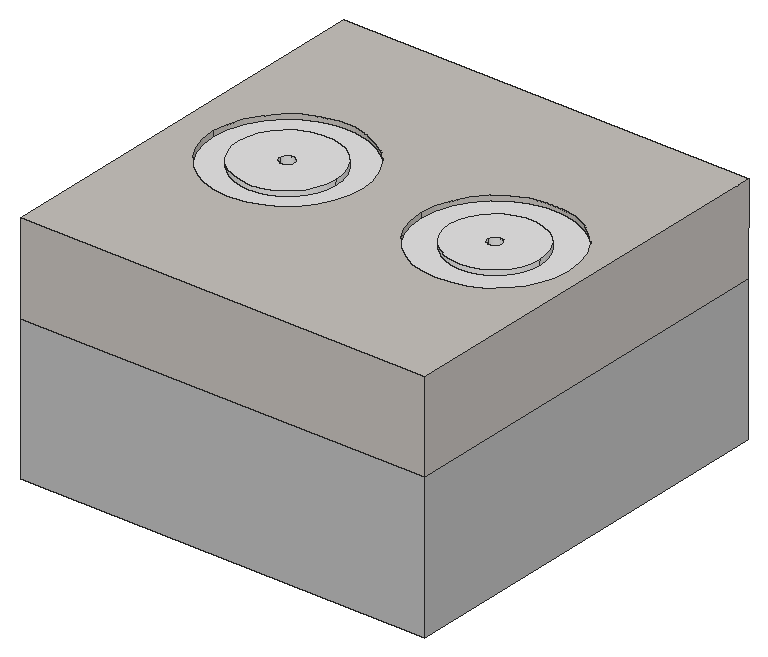
Revit family "Domotics-DomesticRanges-GEWISS-CHORUS_DATA-SOCKET-OUTLET_TV+FM", category Apparecchi elettrici, host Superficie, Revit 2016
Family settings
  Host = Superficie
  Mantenere orientamento annotazione = Sì
  Tipo di parte = Normale
  Quota connettore circolare = Usa diametro
  Taglio con vuoti quando caricato = Sì
  Condiviso = Sì
  Punto di calcolo locali = Sì
Parameters (values of type "GW14381 - TV+FM SOCKET 2M, TITANIUM")
  finitura = GEWISS NERO
  Visibilità simbolo in pianta [instance] = yes
  Visibilità lampada [instance] = yes
  Version file RFA = "19.0"
  URL = "https://www.gewiss.com/ww/en"
  Tipo_ = CHORUS PRESE TV+FM : GW14381 Presa TV+FM 2M titanio
  Technical sheet = "https://www.gewiss.com/ww/en/search?q=GW14381"
  Standard; = "EN 60728-4; IEC 61169-2"
  SEO = "Socket outlet"
  Realized by GEWISS S.p.A. = ""
  Produttore = "GEWISS S.p.A."
  Offset_bidimensionale [instance] = 2 mm
  Default Elevation = 1219.2 mm
  Offset_lampada [instance] = 0 mm
  No. Chorus modules: = "2"
  Modello = "GW14381"
  Larghezza_lampada = 23 mm
  Immagine tipo = GW14381.jpg
  IFC.TypeObject = ""
  IFC.ExportType = ""
  IFC.ExportAs = ""
  IDT = "ef648f1d-3fcd-442e-b661-1d10ae69c0d3"
  IDF = "1f371983-7281-43af-bf82-d7e8fd1ca6e1"
  Electrocod = "0131                "
  EAN code = "8011564267060"
  Distanza_x [instance] = -2760 mm
  Distanza_effettiva_x [instance] = 1500 mm - Distanza_x  # 4260 mm
  Descrizione = "TV+FM SOCKET 2M, TITANIUM"
  Description: = "Direct"
  Description. = "TV/FM socket-outlet"
  Connectors = "TV-FM"
  Colour = "Titanium"
  Category = "TV/FM socket-outlet"
  Catalogue Range = "CHORUS - DOMESTIC RANGE"
  Catalogue = "DOMOTICS"
  Case = "Pressure casting zamak metal body"
  Cable fixing = "With screw"
  COBie.Tagnumber = ""
  COBie.CreatedOn = ""
  COBie.CreatebBy = ""
  COBie.ComponentRegisterItemID = ""
  COBie.Component.TagNumber = ""
  COBie.Component.Space = ""
  COBie.Component.SerialNumber = ""
  COBie.Component.InstallationDate = ""
  COBie.Component.Description = ""
  COBie.Component.BarCode = ""
  Attenuation = "0 dB"
  Altezza_lampada = 45 mm
Types (3, lengths in mm): name | Tipo_ | Technical sheet | Modello | Immagine tipo | IDT | EAN code | Descrizione | Colour
  GW10381 - TV+FM SOCKET, 2M WHITE | CHORUS PRESE TV+FM : GW10381 Presa TV+FM 2M bianco | "https://www.gewiss.com/ww/en/search?q=GW10381" | "GW10381" | GW14381.jpg | "227d34e4-250d-4db7-bac0-5b210cd6f56d" | "8011564257627" | "TV+FM SOCKET, 2M WHITE" | "White"
  GW12381 - TV+FM SOCKET 2M BLACK | CHORUS PRESE TV+FM : GW12381 Presa TV+FM 2M nero | "https://www.gewiss.com/ww/en/search?q=GW12381" | "GW12381" | GW12381.jpg | "ec8ca88b-84dd-4d81-80c8-d1714d42801e" | "8011564269019" | "TV+FM SOCKET 2M BLACK" | "Black"
  GW14381 - TV+FM SOCKET 2M, TITANIUM | CHORUS PRESE TV+FM : GW14381 Presa TV+FM 2M titanio | "https://www.gewiss.com/ww/en/search?q=GW14381" | "GW14381" | GW14381.jpg | "ef648f1d-3fcd-442e-b661-1d10ae69c0d3" | "8011564267060" | "TV+FM SOCKET 2M, TITANIUM" | "Titanium"
Reference planes
  plane 1 "Centro (Fronte/Retro)": y = 0
  plane 2: z = 0
  plane 3 "Centro (Sinistra/Destra)": x = 0
  plane 4: x = -4260
  plane 5: x = 0
  plane 6: z = 0
  plane 7: z = 26
  plane 8 "bd": z = 28
Lines and regions (mm)
  model lines, style "ElectricalFixtures", detail levels coarse
    curve 1: circle (-10.381, -0.006, 28) r 0.981 normal (0, 0, 1)
    curve 2: circle (-10.381, -0.006, 28) r 7.727 normal (0, 0, 1)
    curve 3: circle (-10.381, -0.006, 28) r 5.011 normal (0, 0, 1)
    curve 4: circle (-10.381, -0.006, 28) r 8.46 normal (0, 0, 1)
    curve 5: circle (12.734, -0.006, 28) r 0.981 normal (0, 0, 1)
    curve 6: circle (12.734, -0.006, 28) r 7.727 normal (0, 0, 1)
    curve 7: circle (12.734, -0.006, 28) r 5.011 normal (0, 0, 1)
    curve 8: circle (12.734, -0.006, 28) r 8.46 normal (0, 0, 1)
    curve 9: line (23.5, -22.5, 28) -> (-22.5, -22.5, 28)
    curve 10: line (-22.5, -22.5, 28) -> (-22.5, 22.5, 28)
    curve 11: line (-22.5, 22.5, 28) -> (23.5, 22.5, 28)
    curve 12: line (23.5, 22.5, 28) -> (23.5, -22.5, 28)
    curve 13: line (-15.124, -11.666, 28) -> (-10.817, -11.666, 28)
    curve 14: line (-12.971, -11.666, 28) -> (-12.971, -16.861, 28)
    curve 15: line (-9.944, -11.666, 28) -> (-7.79, -16.861, 28)
    curve 16: line (-7.79, -16.861, 28) -> (-5.637, -11.666, 28)
    curve 17: line (8.111, -16.861, 28) -> (8.111, -11.666, 28)
    curve 18: line (8.111, -11.666, 28) -> (11.481, -11.666, 28)
    curve 19: line (8.111, -14.264, 28) -> (10.701, -14.264, 28)
    curve 20: line (17.358, -16.861, 28) -> (17.358, -11.666, 28)
    curve 21: line (17.358, -11.666, 28) -> (15.102, -16.396, 28)
    curve 22: line (15.102, -16.396, 28) -> (12.846, -11.666, 28)
    curve 23: line (12.846, -11.666, 28) -> (12.846, -16.861, 28)
  model lines, style "ElectricalFixtures", not visible, detail levels coarse
    curve 24: circle (58.35, 40.197, 48) r 0.981 normal (0, 0, 1)
    curve 25: circle (58.35, 40.197, 48) r 7.727 normal (0, 0, 1)
    curve 26: circle (58.35, 40.197, 48) r 5.011 normal (0, 0, 1)
    curve 27: circle (58.35, 40.197, 48) r 8.46 normal (0, 0, 1)
    curve 28: circle (81.465, 40.197, 48) r 0.981 normal (0, 0, 1)
    curve 29: circle (81.465, 40.197, 48) r 7.727 normal (0, 0, 1)
    curve 30: circle (81.465, 40.197, 48) r 5.011 normal (0, 0, 1)
    curve 31: circle (81.465, 40.197, 48) r 8.46 normal (0, 0, 1)
    curve 32: line (92.23, 17.703, 48) -> (46.23, 17.703, 48)
    curve 33: line (46.23, 17.703, 48) -> (46.23, 62.703, 48)
    curve 34: line (46.23, 62.703, 48) -> (92.23, 62.703, 48)
    curve 35: line (92.23, 62.703, 48) -> (92.23, 17.703, 48)
    curve 36: line (53.607, 28.537, 48) -> (57.913, 28.537, 48)
    curve 37: line (55.76, 28.537, 48) -> (55.76, 23.342, 48)
    curve 38: line (58.787, 28.537, 48) -> (60.94, 23.342, 48)
    curve 39: line (60.94, 23.342, 48) -> (63.093, 28.537, 48)
    curve 40: line (76.842, 23.342, 48) -> (76.842, 28.537, 48)
    curve 41: line (76.842, 28.537, 48) -> (80.212, 28.537, 48)
    curve 42: line (76.842, 25.939, 48) -> (79.432, 25.939, 48)
    curve 43: line (86.088, 23.342, 48) -> (86.088, 28.537, 48)
    curve 44: line (86.088, 28.537, 48) -> (83.832, 23.807, 48)
    curve 45: line (83.832, 23.807, 48) -> (81.576, 28.537, 48)
    curve 46: line (81.576, 28.537, 48) -> (81.576, 23.342, 48)
Dimensions and locks
  plane 4 to plane 3 "Centro (Sinistra/Destra)" = 4260 mm
  "Distanza_effettiva_x": plane 4 to plane 5
  "Offset_lampada": plane 6 to host face
  locked: plane 7 to plane 6 at 26
  "Offset_bidimensionale": plane 8 "bd" to plane 7
  aligned and locked: plane 2 to host face
  aligned and locked: level to host face
  aligned and locked: plane 1 "Centro (Fronte/Retro)" to nested 1
  aligned and locked: plane 5 to nested 1
  aligned and locked: nested 1 to plane 6
  aligned and locked: plane 8 "bd" to curve 9
  aligned and locked: curve 10 to nested 1
  aligned and locked: curve 9 to nested 1
Automatic sketch dimensions
  host sketch curve to host sketch curve = 2438.4 mm  (x2)
Nested families
  nested 1: "CHORUS PRESE TV+FM" at (0, 0, 0), visible <- "Visibilità lampada", type <- "Tipo_", type "GW14381 Presa TV+FM 2M titanio", detail levels medium+fine
    with Spostamento_y_effettivo_etichetta 1000 mm, Spostamento_X_etichetta 0 mm, Spostamento_X_effettivo_etichetta 1000 mm, Cornice simbolo yes, L_modulo 45 mm, H_modulo 45 mm
  nested 2: "simb_TVFM" at (0, 209.005, 0), SIMBOLO <- "Visibilità simbolo in pianta", type "simb_TVFM"
Definition of nested family "CHORUS PRESE TV+FM"
  Parameters (values of type "tipo 1")
    Spostamento_y_effettivo_etichetta [instance] = 1000 mm
    Spostamento_X_etichetta [instance] = 0 mm
    Spostamento_X_effettivo_etichetta [instance] = 1000 mm - Spostamento_X_etichetta  # 1000 mm
    Default Elevation = 1219.2 mm
    Manufacturer = ""
    Model = ""
    Materiale = none
    L_modulo = 50 mm
    H_modulo = 54 mm
    Type Image = (empty or 0)
    IFC.TypeObject = ""
    IFC.ExportType = ""
    IFC.ExportAs = ""
    Description = ""
    Cornice simbolo [instance] = yes
    Type Comments = ""
    COBie.CreatedOn = ""
    COBie.CreatebBy = ""
    COBie.ComponentRegisterItemID = ""
    COBie.Component.TagNumber = ""
    COBie.Component.Space = ""
    COBie.Component.SerialNumber = ""
    COBie.Component.InstallationDate = ""
    COBie.Component.Description = ""
    COBie.Component.BarCode = ""
    Base = 16 mm
    BA = 1267 mm  # constant formula
  Reference planes
    plane 1 "Centro (Fronte/Retro)": y = 0
    plane 2: z = 0
    plane 3 "Centro (Sinistra/Destra)": x = 0
    plane 4: y = 27
    plane 5: y = -27
    plane 6: z = 16
    plane 7: x = -25
    plane 8: x = 25
    plane 9 "fro": z = 26
    plane 10: z = 21.373
    plane 11: x = -10.778
    plane 12: x = 12.337
    plane 13: z = 25.5
    plane 14: through (-25, 27, 1200) normal (0.4848, -0.8746, 0)
    plane 15: through (94.514, 1.179, 1200) normal (-0.2112, -0.9774, 0)
    plane 16: through (-93.011, -1524, -27.5) normal (-0.6293, 0, 0.7771)
    plane 17: through (-51.109, -1524, 46.673) normal (0.4848, 0, 0.8746)
  Forms (mm)
    Extrusion 1, solid, material <- "Materiale"
      sketch origin (0, 0, 26) x (-1, 0, 0) y (0, -1, 0)
        loop
          line (25, -27) -> (25, 27) -> (-25, 27) -> (-25, -27) -> (25, -27)
      from -10 to 0
    Extrusion 2, solid
      sketch origin (0, 0, 26) x (-1, 0, 0) y (0, -1, 0)
        loop
          line (-25, 27) -> (-25, -27) -> (25, -27) -> (25, 27) -> (-25, 27)
      from -26 to -10
    Extrusion 3, void
      sketch origin (0, 0, 26) x (-1, 0, 0) y (0, -1, 0)
        loop
          circle (10.778, 0) r 8.273
        loop
          circle (-12.337, 0) r 8.273
      from -4.627 to 0
    Extrusion 4, solid
      sketch origin (0, 0, 26) x (-1, 0, 0) y (0, -1, 0)
        loop
          circle (10.778, 0) r 8.273
        loop
          circle (10.778, 0) r 5.432
        loop
          circle (-12.337, 0) r 8.273
        loop
          circle (-12.337, 0) r 5
      from -4.627 to -0.5
    Extrusion 5, solid
      sketch origin (0, 0, 26) x (-1, 0, 0) y (0, -1, 0)
        loop
          circle (10.778, 0) r 5.432
        loop
          circle (-12.337, 0) r 5
      from -4.627 to 0
    Extrusion 6, void
      sketch origin (0, 0, 26) x (-1, 0, 0) y (0, -1, 0)
        loop
          circle (10.778, 0) r 0.812
        loop
          circle (-12.337, 0) r 0.783
      from -4.627 to 0
  Cuts and joins
    Extrusion 3 cuts Extrusion 1
    Extrusion 6 cuts Extrusion 5
  Lines and regions (mm)
    model lines
      curve 1: line (-16.236, -13.097, 26) -> (-11.93, -13.097, 26)
      curve 2: line (-14.083, -13.097, 26) -> (-14.083, -18.293, 26)
      curve 3: line (-11.056, -13.097, 26) -> (-8.903, -18.293, 26)
      curve 4: line (-8.903, -18.293, 26) -> (-6.75, -13.097, 26)
      curve 5: line (6.999, -18.293, 26) -> (6.999, -13.097, 26)
      curve 6: line (6.999, -13.097, 26) -> (10.369, -13.097, 26)
      curve 7: line (6.999, -15.695, 26) -> (9.589, -15.695, 26)
      curve 8: line (16.245, -18.293, 26) -> (16.245, -13.097, 26)
      curve 9: line (16.245, -13.097, 26) -> (13.989, -17.828, 26)
      curve 10: line (13.989, -17.828, 26) -> (11.733, -13.097, 26)
      curve 11: line (11.733, -13.097, 26) -> (11.733, -18.293, 26)
    model lines, not visible
      curve 12: line (-16.236, -13.097, 26) -> (-11.93, -13.097, 26)
      curve 13: line (-14.083, -13.097, 26) -> (-14.083, -18.293, 26)
      curve 14: line (-11.056, -13.097, 26) -> (-8.903, -18.293, 26)
      curve 15: line (-8.903, -18.293, 26) -> (-6.75, -13.097, 26)
      curve 16: line (6.999, -18.293, 26) -> (6.999, -13.097, 26)
      curve 17: line (6.999, -13.097, 26) -> (10.369, -13.097, 26)
      curve 18: line (6.999, -15.695, 26) -> (9.589, -15.695, 26)
      curve 19: line (16.245, -18.293, 26) -> (16.245, -13.097, 26)
      curve 20: line (16.245, -13.097, 26) -> (13.989, -17.828, 26)
      curve 21: line (13.989, -17.828, 26) -> (11.733, -13.097, 26)
      curve 22: line (11.733, -13.097, 26) -> (11.733, -18.293, 26)
  Text (mm)
    text "B=C*A" at (54.401, 20.009, 0), in view "Livello rif."
  Dimensions and locks
    equal spacing: plane 4, plane 1 "Centro (Fronte/Retro)", plane 5
    "H_modulo": plane 4 to plane 5
    equal spacing: plane 7, plane 3 "Centro (Sinistra/Destra)", plane 8
    "L_modulo": plane 7 to plane 8
    locked: plane 9 "fro" to plane 6 at 10
    "Base": plane 6 to plane 2
    locked: plane 9 "fro" to plane 10 at 4.627
    radius of Extrusion 4 sketch curve = 8.273 mm
    radius of Extrusion 4 sketch curve = 5.432 mm
    angle plane 14 to plane 5 = 151.00°
    angle plane 4 to plane 15 = 167.809°
    angle plane 1 "Centro (Fronte/Retro)" to plane 15 = 167.809°
    angle plane 17 to plane 2 = 29.00°
    angle level to plane 17 = 151.00°
    angle plane 16 to level = 141.00°
    aligned and locked: level to plane 2
    aligned and locked: Extrusion 1 sketch curve to plane 7
    aligned and locked: Extrusion 1 sketch curve to plane 8
    aligned and locked: Extrusion 1 sketch curve to plane 4
    aligned and locked: Extrusion 1 sketch curve to plane 5
    aligned and locked: plane 6 to Extrusion 1
    aligned and locked: plane 9 "fro" to Extrusion 1
    aligned and locked: Extrusion 2 sketch curve to plane 8
    aligned and locked: Extrusion 2 sketch curve to plane 5
    aligned and locked: Extrusion 2 sketch curve to plane 4
    aligned and locked: Extrusion 2 sketch curve to plane 7
    aligned and locked: Extrusion 2 to plane 2
    aligned and locked: Extrusion 2 to plane 6
    aligned and locked: plane 11 to Extrusion 3 sketch curve
    aligned and locked: plane 12 to Extrusion 3 sketch curve
    aligned and locked: plane 1 "Centro (Fronte/Retro)" to Extrusion 3 sketch curve  (x2)
    aligned and locked: Extrusion 3 to plane 10
    aligned and locked: plane 9 "fro" to Extrusion 3
    aligned and locked: Extrusion 4 to plane 10
    aligned and locked: plane 13 to Extrusion 4
    aligned and locked: Extrusion 5 to plane 10
    aligned and locked: plane 9 "fro" to Extrusion 5
    aligned and locked: Extrusion 6 to plane 10
    aligned and locked: plane 9 "fro" to Extrusion 6
    aligned and locked: plane 9 "fro" to cut or joined group of Extrusion 5, Extrusion 6
  Automatic sketch dimensions
    Extrusion 4 sketch curve to Extrusion 4 sketch curve = 0 mm  (x4)
    plane 1 "Centro (Fronte/Retro)" to Extrusion 4 sketch curve = 0 mm  (x2)
    Extrusion 4 sketch curve to plane 12 = 0 mm
    Extrusion 4 sketch curve to plane 11 = 0 mm
    plane 1 "Centro (Fronte/Retro)" to Extrusion 5 sketch curve = 0 mm  (x2)
    Extrusion 5 sketch curve to plane 12 = 0 mm
    Extrusion 5 sketch curve to plane 11 = 0 mm
    plane 1 "Centro (Fronte/Retro)" to Extrusion 6 sketch curve = 0 mm  (x2)
    Extrusion 6 sketch curve to plane 12 = 0 mm
    Extrusion 6 sketch curve to plane 11 = 0 mm
    radius of Extrusion 3 sketch curve = 8.273 mm  (x2)
    radius of Extrusion 4 sketch curve = 8.273 mm
    radius of Extrusion 4 sketch curve = 5 mm
    radius of Extrusion 5 sketch curve = 5.432 mm
    radius of Extrusion 5 sketch curve = 5 mm
    radius of Extrusion 6 sketch curve = 0.812 mm
    radius of Extrusion 6 sketch curve = 0.783 mm
Definition of nested family "simb_TVFM"
  Parameters (values of type "simb_TVFM")
    SIMBOLO [instance] = yes
    Distanza dal muro [instance] = 4.208 mm
    BORDO ACCESO [instance] = yes
  Reference planes
    plane 1: y = 0
    plane 2: x = 0
  Lines and regions (mm)
    detail lines, visible <- "BORDO ACCESO"
      curve 1: line (4.277, 0, 0) -> (-3.991, 0, 0)
      curve 2: line (-3.991, 0, 0) -> (-3.991, 5.414, 0)
      curve 3: line (-3.991, 5.414, 0) -> (4.277, 5.414, 0)
      curve 4: line (4.277, 5.414, 0) -> (4.277, 0, 0)
    detail lines, visible <- "SIMBOLO"
      curve 5: line (2.274, 2.707, 0) -> (2.274, 1.065, 0)
      curve 6: line (0.632, 4.349, 0) -> (0.632, 2.707, 0)
      curve 7: line (0.632, 2.707, 0) -> (3.916, 2.707, 0)
      curve 8: line (3.916, 2.707, 0) -> (3.916, 4.349, 0)
      curve 9: line (-1.988, 2.707, 0) -> (-1.988, 1.065, 0)
      curve 10: line (-0.346, 4.349, 0) -> (-0.346, 2.707, 0)
      curve 11: line (-0.346, 2.707, 0) -> (-3.63, 2.707, 0)
      curve 12: line (-3.63, 2.707, 0) -> (-3.63, 4.349, 0)
  Text (mm)
    text "TV" at (3.311, 2.792, 0), visible <- "SIMBOLO"
    text "FM" at (-0.951, 2.792, 0), visible <- "SIMBOLO"
